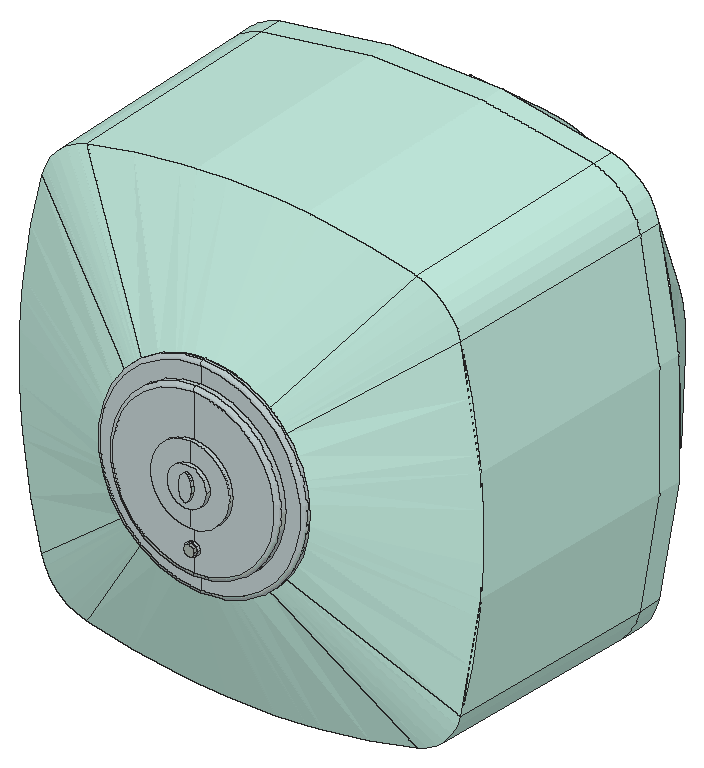
Revit family
Parameters (values of type "360 X 375 X 329")
  Wattage = 1500 W
  Hot Water Pipe Radius = Hot Water Pipe Diameter / 2  # 6.35 mm
  Hot Water Pipe Diameter = 12.7 mm
  Length D = 97 mm
  Heating Time (min) = "40"
  Heater Width = 360 mm
  Width = 375 mm
  URL = "http://www.autospec.co.za/browse.php?id=1660957480"
  Product Code = "FPRX-15-OB"
  OmniClass Title = ""
  OmniClass Number = ""
  Modspec Classification = ""
  Specification = ""
  Material = Galvanised Steel
  Weight (Kg) = "9.3"
  Location (revit room) = ""
  Model = "Prisma Storage Water Heater FPRX 15 OB"
  Manufacturer = "Kwikot"  # constant formula
  Length = 360 mm
  Electrical Supply = 230 V
  Depth = 329 mm
  Colour = none
  Cold Water Pipe Radius = Cold Water Pipe Diameter / 2  # 6.35 mm
  Cold Water Pipe Diameter = 12.7 mm
  Capacity (Litres) = 15.00 L
  Body Material = Green
  Body Finish = none
  Assembly Code = "D3010500"
Reference planes
  plane 1 "Center (Front/Back)": y = 0
  plane 2 "Bottom": z = 0
  plane 3 "Center (Left/Right)": x = 0
  plane 4: z = 180
  plane 5: z = -180
  plane 6: z = -195
  plane 7: x = -180
  plane 8: x = 180
  plane 9: y = 329
  plane 10: y = 240.5
  plane 11: y = 232
  plane 12: y = 249.5
  plane 13: y = 20
  plane 14: y = 63.5
Forms (mm)
  Extrusion 1, solid, material "Red"
    sketch origin (-583.163, -1524, -180) x (-1, 0, 0) y (0, -1, 0)
      loop
        circle (-533.163, -1764.5) r 6.35
    from 4.425 to -15
  Extrusion 2, solid, material "Green" <- "Body Material"
    sketch origin (587.769, 232, 1200) x (1, 0, 0) y (0, 0, 1)
      loop
        arc (-714.525, -1033.515) -> (-737.869, -1046.327) -> (-751.326, -1069.306) r 50
        arc (-751.326, -1069.306) -> (-768.427, -1200) -> (-751.326, -1330.694) r 507.955
        arc (-751.326, -1330.694) -> (-737.869, -1353.673) -> (-714.525, -1366.485) r 50
        arc (-714.525, -1366.485) -> (-587.434, -1380.958) -> (-460.514, -1365.056) r 538.622
        arc (-460.514, -1365.056) -> (-437.464, -1352.128) -> (-424.223, -1329.256) r 50
        arc (-424.223, -1329.256) -> (-407.503, -1200) -> (-424.223, -1070.744) r 507.955
        arc (-424.223, -1070.744) -> (-437.464, -1047.872) -> (-460.514, -1034.944) r 50
        arc (-460.514, -1034.944) -> (-587.434, -1019.042) -> (-714.525, -1033.515) r 538.622
    from 0 to -17.5
  Revolve 3, solid, material "Gray"
    sketch origin (0, 0, 0) x (0, 1, 0) y (0, 0, 1)
      loop
        line (15, 0) -> (15, 65) -> (11, 65)
        arc (11, 65) -> (8.879, 64.121) -> (8, 62) r 3
        line (8, 62) -> (8, 30) -> (5, 30) -> (5, 0) -> (15, 0)
      axis (15, 0) -> (5, 0)
    angle from 0 to 360
  Extrusion 4, solid, material "Blue"
    sketch origin (-583.163, -1524, -180) x (-1, 0, 0) y (0, -1, 0)
      loop
        circle (-633.163, -1764.5) r 6.35
    from 4.425 to -15
  Extrusion 5, solid, material "Gray"
    sketch origin (0, 0, 0) x (1, 0, 0) y (0, 0, 1)
      loop
        circle (0, -45) r 5
    from -6 to -8
  Blend 6, solid, material "Green" <- "Body Material"
    base sketch origin (0, 249.5, 528.983) x (0, 0, 1) y (-1, 0, 0)
      loop
        arc (-399.727, -163.546) -> (-376.855, -150.306) -> (-363.928, -127.255) r 50
        arc (-363.928, -127.255) -> (-348.025, -0.335) -> (-362.498, 126.756) r 538.622
        arc (-362.498, 126.756) -> (-375.311, 150.1) -> (-398.289, 163.556) r 50
        arc (-398.289, 163.556) -> (-528.983, 180.657) -> (-659.677, 163.556) r 507.955
        arc (-659.677, 163.556) -> (-682.656, 150.1) -> (-695.468, 126.756) r 50
        arc (-695.468, 126.756) -> (-709.942, -0.335) -> (-694.039, -127.255) r 538.622
        arc (-694.039, -127.255) -> (-681.111, -150.306) -> (-658.239, -163.546) r 50
        arc (-658.239, -163.546) -> (-528.983, -180.267) -> (-399.727, -163.546) r 507.955
    top sketch origin (0, 249.5, 528.983) x (0, 0, 1) y (-1, 0, 0)
      loop
        arc (-434.003, -73.34) -> (-408.983, 0) -> (-434.003, 73.34) r 120
        arc (-434.003, 73.34) -> (-443.678, 84.398) -> (-454.631, 94.19) r 120
        arc (-454.631, 94.19) -> (-528.983, 120) -> (-603.336, 94.19) r 120
        arc (-603.336, 94.19) -> (-614.289, 84.398) -> (-623.963, 73.34) r 120
        arc (-623.963, 73.34) -> (-648.983, 0) -> (-623.963, -73.34) r 120
        arc (-623.963, -73.34) -> (-614.289, -84.398) -> (-603.336, -94.19) r 120
        arc (-603.336, -94.19) -> (-528.983, -120) -> (-454.631, -94.19) r 120
        arc (-454.631, -94.19) -> (-443.678, -84.398) -> (-434.003, -73.34) r 120
    from 0 to -79.5
  Blend 7, solid, material "Green" <- "Body Material"
    base sketch origin (587.769, 232, 1200) x (1, 0, 0) y (0, 0, 1)
      loop
        arc (-714.525, -1033.515) -> (-737.869, -1046.327) -> (-751.326, -1069.306) r 50
        arc (-751.326, -1069.306) -> (-768.427, -1200) -> (-751.326, -1330.694) r 507.955
        arc (-751.326, -1330.694) -> (-737.869, -1353.673) -> (-714.525, -1366.485) r 50
        arc (-714.525, -1366.485) -> (-587.434, -1380.958) -> (-460.514, -1365.056) r 538.622
        arc (-460.514, -1365.056) -> (-437.464, -1352.128) -> (-424.223, -1329.256) r 50
        arc (-424.223, -1329.256) -> (-407.503, -1200) -> (-424.223, -1070.744) r 507.955
        arc (-424.223, -1070.744) -> (-437.464, -1047.872) -> (-460.514, -1034.944) r 50
        arc (-460.514, -1034.944) -> (-587.434, -1019.042) -> (-714.525, -1033.515) r 538.622
    top sketch origin (587.769, 232, 1200) x (1, 0, 0) y (0, 0, 1)
      loop
        arc (-713.639, -1036.435) -> (-735.582, -1048.478) -> (-748.231, -1070.078) r 47
        arc (-748.231, -1070.078) -> (-765.232, -1200) -> (-748.231, -1329.922) r 504.955
        arc (-748.231, -1329.922) -> (-735.582, -1351.522) -> (-713.639, -1363.565) r 47
        arc (-713.639, -1363.565) -> (-587.256, -1377.958) -> (-461.043, -1362.144) r 535.622
        arc (-461.043, -1362.144) -> (-439.375, -1349.992) -> (-426.929, -1328.493) r 47
        arc (-426.929, -1328.493) -> (-410.307, -1200) -> (-426.929, -1071.507) r 504.955
        arc (-426.929, -1071.507) -> (-439.375, -1050.008) -> (-461.043, -1037.856) r 47
        arc (-461.043, -1037.856) -> (-587.256, -1022.042) -> (-713.639, -1036.435) r 535.622
    from 0 to 168.5
  Blend 8, solid, material "Green" <- "Body Material"
    base sketch origin (0, 63.5, 1442.37) x (0, 0, 1) y (-1, 0, 0)
      loop
        arc (-1278.805, 125.87) -> (-1290.848, 147.813) -> (-1312.448, 160.462) r 47
        arc (-1312.448, 160.462) -> (-1442.37, 177.462) -> (-1572.292, 160.462) r 504.955
        arc (-1572.292, 160.462) -> (-1593.892, 147.813) -> (-1605.936, 125.87) r 47
        arc (-1605.936, 125.87) -> (-1620.329, -0.514) -> (-1604.515, -126.727) r 535.622
        arc (-1604.515, -126.727) -> (-1592.363, -148.394) -> (-1570.863, -160.84) r 47
        arc (-1570.863, -160.84) -> (-1442.37, -177.462) -> (-1313.878, -160.84) r 504.955
        arc (-1313.878, -160.84) -> (-1292.378, -148.394) -> (-1280.226, -126.727) r 47
        arc (-1280.226, -126.727) -> (-1264.412, -0.514) -> (-1278.805, 125.87) r 535.622
    top sketch origin (0, 63.5, 1442.37) x (0, 0, 1) y (-1, 0, 0)
      loop
        arc (-1378.97, 48.789) -> (-1385.107, 55.865) -> (-1392.029, 62.175) r 80
        arc (-1392.029, 62.175) -> (-1442.37, 80) -> (-1492.712, 62.175) r 80
        arc (-1492.712, 62.175) -> (-1499.634, 55.865) -> (-1505.771, 48.789) r 80
        arc (-1505.771, 48.789) -> (-1522.37, 0) -> (-1505.771, -48.789) r 80
        arc (-1505.771, -48.789) -> (-1499.634, -55.865) -> (-1492.712, -62.175) r 80
        arc (-1492.712, -62.175) -> (-1442.37, -80) -> (-1392.029, -62.175) r 80
        arc (-1392.029, -62.175) -> (-1385.107, -55.865) -> (-1378.97, -48.789) r 80
        arc (-1378.97, -48.789) -> (-1362.37, 0) -> (-1378.97, 48.789) r 80
    from 0 to 43.5
  Revolve 9, solid, material "Gray"
    sketch origin (0, 0, 0) x (0, 1, 0) y (0, 0, 1)
      loop
        line (20, 80) -> (18, 80)
        arc (18, 80) -> (15.879, 79.121) -> (15, 77) r 3
        line (15, 77) -> (15, 0) -> (20, 0) -> (20, 80)
      axis (20, 0) -> (15, 0)
    angle from 0 to 360
  Extrusion 10, solid, material "Gray"
    sketch origin (0, 0, 0) x (1, 0, 0) y (0, 0, 1)
      loop
        circle (0, 0) r 15
    from -2 to -5
  Extrusion 11, solid, material "Gray"
    sketch origin (0, 0, 0) x (1, 0, 0) y (0, 0, 1)
      loop
        spline (0, -10) -> (1.294, -9.659) -> (2.5, -8.66) -> (3.536, -7.071) -> (4.33, -5) -> (4.83, -2.588) -> (5, 0) -> (4.83, 2.588) -> (4.33, 5) -> (3.536, 7.071) -> (2.5, 8.66) -> (1.294, 9.659) -> (0, 10)
        spline (0, 10) -> (-1.294, 9.659) -> (-2.5, 8.66) -> (-3.536, 7.071) -> (-4.33, 5) -> (-4.83, 2.588) -> (-5, 0) -> (-4.83, -2.588) -> (-4.33, -5) -> (-3.536, -7.071) -> (-2.5, -8.66) -> (-1.294, -9.659) -> (0, -10)
    from 0 to -2
  Extrusion 12, solid, material "Yellow"
    sketch origin (0, 0, 0) x (1, 0, 0) y (0, 0, 1)
      loop
        circle (0, -45) r 4
    from -4 to -6
  Extrusion 13, solid
    sketch origin (-180, -1524, -438.75) x (0, 0, -1) y (0, -1, 0)
      loop
        circle (-438.75, -1679.986) r 20
    from 0 to 3
Cuts and joins
  joined: Extrusion 2, Blend 6, Blend 7, Blend 8
Lines and regions (mm)
  symbolic lines
    curve 1: line (-180.657, 249.5, -180) -> (180.267, 249.5, -180)
    curve 2: line (-180, 232, -180) -> (180, 232, -180)
    curve 3: line (-177, 63.501, -180) -> (177, 63.501, -180)
    curve 4: line (120, 329, 180) -> (-120, 329, 180)
    curve 5: line (-120, 329, 180) -> (-180.657, 249.5, 180)
    curve 6: line (120, 329, 180) -> (180.267, 249.5, 180)
    curve 7: line (-180.657, 232, 180) -> (-177, 63.501, 180)
    curve 8: line (180.267, 232, 180) -> (177.462, 63.5, 180)
    curve 9: line (-180.657, 249.5, 180) -> (-180.657, 232, 180)
    curve 10: line (180.267, 249.5, 180) -> (180.267, 232, 180)
    curve 11: arc (-56.35, 240.5, 180) -> (-50, 234.15, 180) -> (-43.65, 240.5, 180) r 6.35
    curve 12: arc (-43.65, 240.5, 180) -> (-50, 246.85, 180) -> (-56.35, 240.5, 180) r 6.35
    curve 13: arc (43.65, 240.5, 180) -> (50, 234.15, 180) -> (56.35, 240.5, 180) r 6.35
    curve 14: arc (56.35, 240.5, 180) -> (50, 246.85, 180) -> (43.65, 240.5, 180) r 6.35
    curve 15: line (-177, 63.501, 180) -> (-80, 20, 180)
    curve 16: line (-80, 20, 180) -> (80, 20, 180)
    curve 17: line (80, 20, 180) -> (177.462, 63.5, 180)
    curve 18: line (-80, 20, 180) -> (-80, 18, 180)
    curve 19: line (-77, 15, 180) -> (77, 15, 180)
    curve 20: line (80, 18, 180) -> (80, 20, 180)
    curve 21: line (-65, 15, 180) -> (-65, 10.983, 180)
    curve 22: line (-62, 7.983, 180) -> (62, 7.983, 180)
    curve 23: line (65, 10.983, 180) -> (65, 15, 180)
    curve 24: line (-30, 7.983, 180) -> (-30, 5.072, 180)
    curve 25: line (-30, 5.072, 180) -> (30, 5.072, 180)
    curve 26: line (30, 5.072, 180) -> (30, 7.983, 180)
    curve 27: line (-15, 5.072, 180) -> (-15, 2, 180)
    curve 28: line (-15, 2, 180) -> (15, 2, 180)
    curve 29: line (15, 2, 180) -> (15, 5.072, 180)
    curve 30: line (-5, 2, 180) -> (-5, 0, 180)
    curve 31: line (-5, 0, 180) -> (5, 0, 180)
    curve 32: line (5, 0, 180) -> (5, 2, 180)
    curve 33: arc (-77, 15, 180) -> (-79.121, 15.879, 180) -> (-80, 18, 180) r 3
    curve 34: arc (-62, 7.983, 180) -> (-64.121, 8.862, 180) -> (-65, 10.983, 180) r 3
    curve 35: arc (62, 7.983, 180) -> (64.121, 8.862, 180) -> (65, 10.983, 180) r 3
    curve 36: arc (77, 15, 180) -> (79.121, 15.879, 180) -> (80, 18, 180) r 3
Dimensions and locks
  "Heater Width": plane 4 to plane 5
  "Length": plane 7 to plane 8
  equal spacing: plane 7, plane 3 "Center (Left/Right)", plane 8
  equal spacing: plane 4, level, plane 5
  "Depth": plane 9 to plane 1 "Center (Front/Back)"
  Extrusion 1 sketch curve to plane 3 "Center (Left/Right)" = 50 mm
  "Length D": plane 9 to plane 11
  plane 10 to plane 9 = 88.5 mm
  plane 3 "Center (Left/Right)" to Extrusion 4 sketch curve = 50 mm
  "Width": plane 4 to plane 6
  Extrusion 4 sketch curve to plane 9 = 88.5 mm
  plane 2 "Bottom" to Extrusion 5 sketch curve = 45 mm
  "Hot Water Pipe Radius": radius of Extrusion 1 sketch curve
  "Cold Water Pipe Radius": radius of Extrusion 4 sketch curve
  aligned and locked: plane 2 "Bottom" to level
  aligned and locked: plane 10 to Extrusion 1 sketch curve
  aligned: Extrusion 1 to plane 6
  aligned and locked: plane 2 "Bottom" to Revolve 3 sketch curve
  aligned and locked: Extrusion 5 to Revolve 3
  aligned and locked: Extrusion 4 to plane 6
  aligned and locked: Extrusion 4 to Extrusion 1
  aligned and locked: Extrusion 1 to Extrusion 4
  aligned and locked: Extrusion 1 to plane 6
  aligned and locked: Blend 6 sketch curve to Extrusion 2  (x8)
  aligned and locked: Blend 6 to plane 9
  aligned and locked: Blend 7 sketch curve to Extrusion 2  (x8)
  aligned and locked: plane 14 to Blend 7
  aligned and locked: Blend 8 sketch curve to cut or joined group of Extrusion 2, Blend 6, Blend 7, Blend 8  (x8)
  aligned and locked: plane 13 to Blend 8
  aligned and locked: curve 4 to cut or joined group of Extrusion 2, Blend 6, Blend 7, Blend 8
  aligned and locked: curve 9 to curve 1
  aligned and locked: curve 10 to curve 1
  aligned and locked: curve 11 to Extrusion 1
  aligned and locked: curve 12 to Extrusion 1
  aligned and locked: curve 13 to Extrusion 4
  aligned and locked: curve 14 to Extrusion 4
  aligned and locked: plane 2 "Bottom" to Revolve 9 sketch curve
  aligned and locked: Extrusion 10 to Revolve 3
  aligned and locked: Extrusion 11 to Extrusion 10
Automatic sketch dimensions
  Revolve 3 sketch curve to level = 0 mm
  plane 1 "Center (Front/Back)" to Revolve 3 sketch curve = 7.054 mm
  Revolve 3 sketch curve to plane 1 "Center (Front/Back)" = 5 mm
  Revolve 3 sketch curve to Revolve 3 sketch curve = 3 mm  (x2)
  Revolve 3 sketch curve to Revolve 3 sketch curve = 4 mm
  Revolve 3 sketch curve to plane 13 = 17.946 mm
  Revolve 3 sketch curve to Revolve 3 sketch curve = 30 mm
  Revolve 3 sketch curve to Revolve 3 sketch curve = 32 mm
  Extrusion 5 sketch curve to plane 3 "Center (Left/Right)" = 0 mm
  Extrusion 2 sketch curve to level = 0 mm  (x2)
  plane 7 to Extrusion 2 sketch curve = 147.688 mm
  Extrusion 2 sketch curve to Extrusion 2 sketch curve = 0 mm  (x8)
  Extrusion 2 sketch curve to plane 3 "Center (Left/Right)" = 2.695 mm  (x2)
  Extrusion 2 sketch curve to plane 4 = 14.944 mm
  Extrusion 2 sketch curve to Extrusion 2 sketch curve = 12.063 mm  (x2)
  plane 5 to Extrusion 2 sketch curve = 14.944 mm
  Extrusion 2 sketch curve to Extrusion 2 sketch curve = 48.354 mm
  level to Extrusion 2 sketch curve = 116.533 mm
  Extrusion 2 sketch curve to Extrusion 2 sketch curve = 36.8 mm  (x2)
  Extrusion 2 sketch curve to level = 130.694 mm
  Extrusion 2 sketch curve to plane 7 = 16.444 mm
  Extrusion 2 sketch curve to plane 3 "Center (Left/Right)" = 163.556 mm
  Blend 6 sketch curve to Blend 6 sketch curve = 0 mm  (x13)
  Blend 6 sketch curve to level = 0 mm
  Blend 6 sketch curve to plane 3 "Center (Left/Right)" = 0 mm
  plane 8 to Blend 6 sketch curve = 85.81 mm
  Blend 6 sketch curve to Blend 6 sketch curve = 20.627 mm  (x4)
  level to Blend 6 sketch curve = 74.352 mm  (x2)
  Blend 6 sketch curve to level = 74.352 mm  (x2)
  Blend 7 sketch curve to level = 0 mm  (x2)
  plane 7 to Blend 7 sketch curve = 147.493 mm
  Blend 7 sketch curve to plane 7 = 19.538 mm  (x2)
  Blend 7 sketch curve to Blend 7 sketch curve = 0 mm  (x5)
  plane 5 to Blend 7 sketch curve = 16.435 mm
  Blend 7 sketch curve to Blend 7 sketch curve = 34.592 mm  (x2)
  Blend 7 sketch curve to plane 4 = 16.435 mm
  Blend 7 sketch curve to Blend 7 sketch curve = 45.418 mm
  Blend 7 sketch curve to plane 3 "Center (Left/Right)" = 2.5 mm  (x2)
  plane 8 to Blend 7 sketch curve = 64.613 mm  (x2)
  Blend 7 sketch curve to plane 4 = 17.856 mm
  Blend 7 sketch curve to Blend 7 sketch curve = 11.339 mm  (x2)
  plane 8 to Blend 7 sketch curve = 19.16 mm
  Blend 7 sketch curve to Blend 7 sketch curve = 45.453 mm
  plane 12 to curve 1 = 0 mm
  curve 2 to plane 8 = 0 mm
  curve 2 to plane 7 = 0 mm
  plane 11 to curve 2 = 0 mm
  curve 1 to plane 8 = 0.267 mm
  curve 3 to plane 14 = 0.001 mm
  plane 8 to curve 3 = 3 mm
  curve 3 to plane 7 = 3 mm
  plane 7 to curve 1 = 0.657 mm
  Blend 8 sketch curve to level = 0 mm
  Blend 8 sketch curve to plane 3 "Center (Left/Right)" = 0 mm
  Blend 8 sketch curve to Blend 8 sketch curve = 0 mm  (x13)
  Blend 8 sketch curve to Blend 8 sketch curve = 13.059 mm  (x4)
  Blend 8 sketch curve to plane 3 "Center (Left/Right)" = 48.789 mm
  Blend 8 sketch curve to level = 63.401 mm
  plane 3 "Center (Left/Right)" to Blend 8 sketch curve = 48.789 mm
  level to Blend 8 sketch curve = 50.342 mm  (x2)
  Revolve 9 sketch curve to level = 0 mm
  Revolve 9 sketch curve to plane 13 = 0 mm
  plane 13 to Revolve 9 sketch curve = 2 mm
  plane 13 to Revolve 9 sketch curve = 5 mm
  plane 1 "Center (Front/Back)" to Revolve 9 sketch curve = 19.357 mm
  Revolve 9 sketch curve to plane 14 = 4.339 mm
  level to Revolve 9 sketch curve = 77 mm
  Extrusion 10 sketch curve to level = 0 mm
  Extrusion 10 sketch curve to plane 3 "Center (Left/Right)" = 0 mm
  Extrusion 11 sketch curve to plane 3 "Center (Left/Right)" = 0 mm
  Extrusion 11 sketch curve to level = 0 mm
  Extrusion 11 sketch curve to level = 10 mm
  plane 14 to curve 17 = 0 mm
  plane 9 to curve 4 = 0 mm
  plane 13 to curve 20 = 0 mm
  plane 1 "Center (Front/Back)" to curve 31 = 0 mm
  plane 12 to curve 5 = 0 mm
  plane 12 to curve 6 = 0 mm
  plane 11 to curve 9 = 0 mm
  plane 11 to curve 8 = 0 mm
  plane 8 to curve 17 = 2.538 mm
  plane 8 to curve 4 = 60 mm
  plane 13 to curve 20 = 2 mm
  plane 3 "Center (Left/Right)" to curve 20 = 80 mm
  curve 36 to curve 36 = 3 mm
  curve 36 to curve 23 = 12 mm
  curve 35 to curve 35 = 3 mm
  curve 26 to plane 1 "Center (Front/Back)" = 7.983 mm
  plane 3 "Center (Left/Right)" to curve 26 = 30 mm
  curve 29 to plane 1 "Center (Front/Back)" = 2 mm
  plane 3 "Center (Left/Right)" to curve 29 = 15 mm
  plane 3 "Center (Left/Right)" to curve 32 = 5 mm
  curve 31 to plane 3 "Center (Left/Right)" = 5 mm
  curve 30 to curve 28 = 10 mm
  curve 25 to plane 1 "Center (Front/Back)" = 5.072 mm
  curve 27 to curve 25 = 15 mm
  plane 13 to curve 34 = 9.017 mm
  curve 24 to curve 34 = 32 mm
  curve 21 to curve 19 = 12 mm
  curve 33 to curve 15 = 3 mm
  curve 5 to plane 7 = 60 mm
  curve 15 to plane 14 = 0.001 mm
  curve 15 to plane 7 = 3 mm
  Extrusion 12 sketch curve to plane 3 "Center (Left/Right)" = 0 mm
  Extrusion 12 sketch curve to plane 3 "Center (Left/Right)" = 4 mm
  Extrusion 12 sketch curve to level = 45 mm
  Extrusion 13 sketch curve to level = 0 mm
  plane 11 to Extrusion 13 sketch curve = 76.014 mm
  radius of Extrusion 5 sketch curve = 5 mm
  radius of Extrusion 10 sketch curve = 15 mm
  radius of Extrusion 13 sketch curve = 20 mm
Connectors
  piping at (-50, 240.5, -195), driven by "Hot Water Pipe Radius"
    settings: on Extrusion 1, index 1, connector radius 6.35 mm, flow factor 0, pipe flow 0.0 L/s, pressure drop 0 kPa, fitting loss kfactor 0, connector angle 0.00°, fixture units 0, flow configuration 0, flow direction 2, fitting loss method 0, system type 19, connector reference index -1, connector utility 0, adjustable connector no, is connector primary no, fitting loss table "", connector description "Outlet Pipe Connector"
  piping at (50, 240.5, -195), driven by "Cold Water Pipe Radius"
    settings: on Extrusion 4, index 2, connector radius 6.35 mm, flow factor 0, pipe flow 0.0 L/s, pressure drop 0 kPa, fitting loss kfactor 0, connector angle 0.00°, fixture units 0, flow configuration 0, flow direction 1, fitting loss method 0, system type 20, connector reference index -1, connector utility 0, adjustable connector no, is connector primary yes, fitting loss table "", connector description "Inlet Pipe Connector"
  electrical at (-183, 155.986, 0), driven by "Electrical Supply", driven by "Wattage"
    settings: on Extrusion 13, index 3, voltage 230 V, apparent load 0 kW, apparent load phase1 1.5 kW, apparent load phase2 0 kW, apparent load phase3 0 kW, power factor 1, load classification "Other", number of poles 1, system type 31, power factor state 1, is connector primary yes, connector utility no, sub classification motor no, connector description "Electrical Connector"
